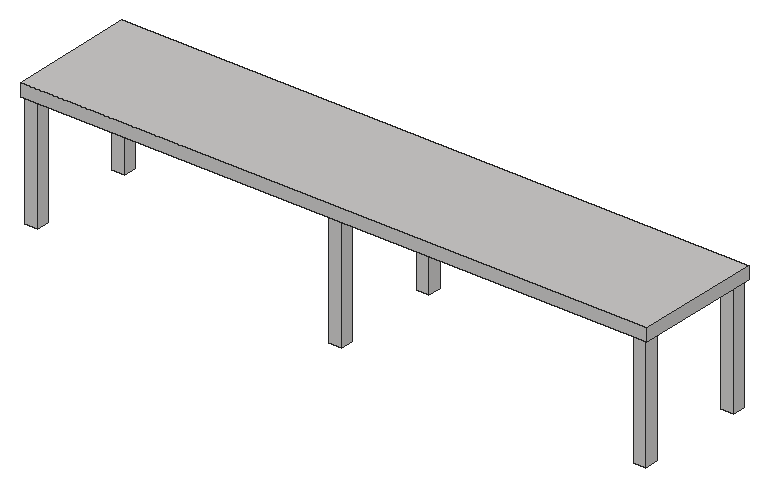
Revit family "QF_ELECTROLUXPROFESSIONAL_132993_OSH1L20", category Attrezzature speciali, Revit 2021
Family settings
  Quota connettore circolare = Usa diametro
  Tipo di parte = Normale
  Basato su piano di lavoro = No
  Sempre verticale = Sì
  Taglio con vuoti quando caricato = No
  Condiviso = No
  Punto di calcolo locali = No
Parameters (values of type "Standard")
  Weight = 28.00 kg
  Watts = 1100 W
  Volts = 220 V
  URL Manufacturer = "https://www.electroluxprofessional.com/"
  URL = "https://www.electroluxprofessional.com/"
  Steam Supply Size = 0 mm
  Steam Supply Minimum Pressure = 0.0 Pa
  Steam Supply Maximum Pressure = 0.0 Pa
  Steam Consumption per Hour = 0
  Refrigeration Suction Line Size = 0.0 mm
  Refrigeration Liquid Line Size = 0.0 mm
  Refrigerant Compressor Remote = yes
  Prospetto di default = 0.0 mm
  Phase = 1
  Modello = "OSH1L20"
  Produttore = "Electrolux Professional"
  Length Actual = 1975.0 mm  # constant formula
  Item Number = "132993"
  Hot Water Size = 0 mm
  Height Actual = 400.0 mm  # constant formula
  HP = "1.5 HP"
  Gas Size = 0 mm
  Gas KW = 0
  Gas Input Pressure = 0 W
  Direct Waste Size = 0 mm
  Descrizione = "OVERSHELF, LED&CERAMIC, ONE TIER, 2000MM"
  Depth Actual = 400.0 mm  # constant formula
  Cycle = 50 Hz
  Condensate Return Size = 0 mm
  Compressed Air Volume = 0.0 L/s
  Compressed Air Size = 0 mm
  Compressed Air Pressure = 0.0 Pa
  Cold Water Size = 0 mm
  Accessory = yes
Reference planes
  plane 1 "Center (Front/Back)": y = 0
  plane 2: z = 0
  plane 3 "Center (Left/Right)": x = -487.5
  plane 4 "LEFT": x = -1475
  plane 5 "RIGHT": x = 500
  plane 6 "BACK": y = 350
  plane 7 "FRONT": y = -50
  plane 8 "Base": z = 1260
  plane 9 "TOP": z = 1300
  plane 10: x = -1447.2
  plane 11: x = 472.2
  plane 12: y = 322.2
  plane 13: y = -22.2
  plane 14: z = 900
  plane 15 "HotElemLeft": x = -1327.5
  plane 16 "HotElemRight": x = -607.5
  plane 17 "Button": x = -637.5
  plane 18 "Pulsante": through (0, 98.177, 1177.215) normal (0, 0.9659, -0.2588)
  plane 19: x = -1297.5
  plane 20: x = -967.5
  plane 21: x = -7.5
  plane 22 "HotElemLeft2": x = -367.5
  plane 23 "HotElemRight2": x = 352.5
  plane 24: x = 322.5
  plane 25: x = -337.5
  plane 26 "LedLeft": x = -1422.5
  plane 27 "LedRight": x = -512.5
  plane 28 "LedRight2": x = 447.5
  plane 29 "LedLeft2": x = -462.5
Forms (mm)
  Extrusion 1, solid, material "QF_Finishes_Stainless Steel"
    sketch origin (-487.5, 0, 900) x (0, 1, 0) y (0, 0, 1)
      loop
        line (-50, 360) -> (350, 360) -> (350, 400) -> (-50, 400) -> (-50, 360)
    from 987.5 to -987.5
  Extrusion 2, solid, material "QF_Finishes_Stainless Steel"
    sketch origin (-1327.5, 0, 0) x (0, 0, -1) y (0, -1, 0)
      loop
        line (-1260, -125) -> (-1260, -175) -> (-1240, -175) -> (-1240, -185) -> (-1177.215, -201.823) -> (-1177.215, -189.823) -> (-1200.196, -170.54) -> (-1200.196, -129.46) -> (-1177.215, -110.177) -> (-1177.215, -98.177) -> (-1240, -115) -> (-1240, -125) -> (-1260, -125)
    from -2 to 0
  Extrusion 3, solid, material "QF_Finishes_Stainless Steel"
    sketch origin (-607.5, 0, 0) x (0, 0, -1) y (0, -1, 0)
      loop
        line (-1260, -125) -> (-1260, -175) -> (-1240, -175) -> (-1240, -185) -> (-1177.215, -201.823) -> (-1177.215, -189.823) -> (-1200.196, -170.54) -> (-1200.196, -129.46) -> (-1177.215, -110.177) -> (-1177.215, -98.177) -> (-1240, -115) -> (-1240, -125) -> (-1260, -125)
    from 0 to 2
  Extrusion 4, solid, material "QF_Finishes_Stainless Steel"
    sketch origin (-487.5, 0, 0) x (0, 1, 0) y (0, 0, 1)
      loop
        line (175, 1260) -> (125, 1260) -> (125, 1240) -> (115, 1240) -> (98.177, 1177.215) -> (110.177, 1177.215) -> (110.177, 1179.215) -> (100.783, 1179.215) -> (116.535, 1238) -> (127, 1238) -> (127, 1258) -> (173, 1258) -> (173, 1238) -> (183.465, 1238) -> (199.217, 1179.215) -> (189.823, 1179.215) -> (189.823, 1177.215) -> (201.823, 1177.215) -> (185, 1240) -> (175, 1240) -> (175, 1260)
      loop
        line (170.54, 1200.196) -> (170.54, 1202.196) -> (129.46, 1202.196) -> (129.46, 1200.196) -> (170.54, 1200.196)
    from -122 to -838
  Extrusion 5, solid, material "QF_Plastic-Black-Matte"
    sketch origin (80.054, -206.22, 41.192) x (0, -0.258819, -0.965926) y (-1, 0, 0)
      loop
        line (-1235.373, 733.554) -> (-1235.373, 701.554) -> (-1215.373, 701.554) -> (-1215.373, 733.554) -> (-1235.373, 733.554)
      loop
        line (-1233.373, 731.554) -> (-1233.373, 703.554) -> (-1217.373, 703.554) -> (-1217.373, 731.554) -> (-1233.373, 731.554)
    from 0 to -2
  Sweep 6, solid, material "QF_Finishes_Green"
    path origin (80.054, -206.22, 41.192) x (0, -0.258819, -0.965926) y (-1, 0, 0)
      loop
        line (-1233.373, 731.554) -> (-1217.373, 731.554)
    profile origin (-651.5, 110.93, 1224.811) x (-1, 0, 0) y (0, 0.965926, -0.258819)
      loop
        line (0, 0) -> (-28, 0) -> (-28, -2) -> (-14, -2) -> (-2.294, -8) -> (0, 0)
  Extrusion 7, solid, material "QF_Finishes_Light"
    sketch origin (-487.5, 0, 0) x (0, 1, 0) y (0, 0, 1)
      loop
        arc (175.262, 1176.834) -> (179.051, 1178.162) -> (178.135, 1182.071) r 3.003
        arc (178.135, 1182.071) -> (168.398, 1186.322) -> (158.051, 1188.738) r 58.388
        line (158.051, 1188.738) -> (158.051, 1200.196) -> (141.949, 1200.196) -> (141.949, 1189.541)
        arc (141.949, 1189.541) -> (131.603, 1187.125) -> (121.866, 1182.874) r 58.388
        arc (121.866, 1182.874) -> (120.548, 1178.491) -> (124.821, 1176.854) r 3.362
        arc (124.821, 1176.854) -> (150.044, 1183.315) -> (175.262, 1176.834) r 52.386
    from -810 to -150
  Extrusion 8, solid, material "QF_Finishes_Stainless Steel"
    sketch origin (-367.5, 0, 0) x (0, 0, -1) y (0, -1, 0)
      loop
        line (-1260, -125) -> (-1260, -175) -> (-1240, -175) -> (-1240, -185) -> (-1177.215, -201.823) -> (-1177.215, -189.823) -> (-1200.196, -170.54) -> (-1200.196, -129.46) -> (-1177.215, -110.177) -> (-1177.215, -98.177) -> (-1240, -115) -> (-1240, -125) -> (-1260, -125)
    from -2 to 0
  Extrusion 9, solid, material "QF_Finishes_Stainless Steel"
    sketch origin (352.5, 0, 0) x (0, 0, -1) y (0, -1, 0)
      loop
        line (-1260, -125) -> (-1260, -175) -> (-1240, -175) -> (-1240, -185) -> (-1177.215, -201.823) -> (-1177.215, -189.823) -> (-1200.196, -170.54) -> (-1200.196, -129.46) -> (-1177.215, -110.177) -> (-1177.215, -98.177) -> (-1240, -115) -> (-1240, -125) -> (-1260, -125)
    from 0 to 2
  Extrusion 10, solid, material "QF_Finishes_Stainless Steel"
    sketch origin (472.5, 0, 0) x (0, 1, 0) y (0, 0, 1)
      loop
        line (175, 1260) -> (125, 1260) -> (125, 1240) -> (115, 1240) -> (98.177, 1177.215) -> (110.177, 1177.215) -> (110.177, 1179.215) -> (100.783, 1179.215) -> (116.535, 1238) -> (127, 1238) -> (127, 1258) -> (173, 1258) -> (173, 1238) -> (183.465, 1238) -> (199.217, 1179.215) -> (189.823, 1179.215) -> (189.823, 1177.215) -> (201.823, 1177.215) -> (185, 1240) -> (175, 1240) -> (175, 1260)
      loop
        line (170.54, 1200.196) -> (170.54, 1202.196) -> (129.46, 1202.196) -> (129.46, 1200.196) -> (170.54, 1200.196)
    from -122 to -838
  Extrusion 11, solid, material "QF_Plastic-Black-Matte"
    sketch origin (940.054, -206.22, 41.192) x (0, -0.258819, -0.965926) y (-1, 0, 0)
      loop
        line (-1235.373, 633.554) -> (-1235.373, 601.554) -> (-1215.373, 601.554) -> (-1215.373, 633.554) -> (-1235.373, 633.554)
      loop
        line (-1233.373, 631.554) -> (-1233.373, 603.554) -> (-1217.373, 603.554) -> (-1217.373, 631.554) -> (-1233.373, 631.554)
    from 0 to -2
  Sweep 12, solid, material "QF_Finishes_Green"
    path origin (940.054, -206.22, 41.192) x (0, -0.258819, -0.965926) y (-1, 0, 0)
      loop
        line (-1233.373, 631.554) -> (-1217.373, 631.554)
    profile origin (308.5, 110.93, 1224.811) x (-1, 0, 0) y (0, 0.965926, -0.258819)
      loop
        line (0, 0) -> (-28, 0) -> (-28, -2) -> (-14, -2) -> (-2.294, -8) -> (0, 0)
  Extrusion 13, solid, material "QF_Finishes_Light"
    sketch origin (472.5, 0, 0) x (0, 1, 0) y (0, 0, 1)
      loop
        arc (175.262, 1176.834) -> (179.051, 1178.162) -> (178.135, 1182.071) r 3.003
        arc (178.135, 1182.071) -> (168.398, 1186.322) -> (158.051, 1188.738) r 58.388
        line (158.051, 1188.738) -> (158.051, 1200.196) -> (141.949, 1200.196) -> (141.949, 1189.541)
        arc (141.949, 1189.541) -> (131.603, 1187.125) -> (121.866, 1182.874) r 58.388
        arc (121.866, 1182.874) -> (120.548, 1178.491) -> (124.821, 1176.854) r 3.362
        arc (124.821, 1176.854) -> (150.044, 1183.315) -> (175.262, 1176.834) r 52.386
    from -810 to -150
  Extrusion 14, void
    sketch origin (12.5, -8.708, 0) x (0, 1, 0) y (0, 0, 1)
      loop
        line (305.908, 1270) -> (285.908, 1270) -> (285.908, 1260) -> (305.908, 1260) -> (305.908, 1270)
    from -1435 to -525
  Extrusion 15, solid, material "QF_Finishes_Light"
    sketch origin (12.5, -8.708, 0) x (0, 1, 0) y (0, 0, 1)
      loop
        line (305.908, 1270) -> (285.908, 1270) -> (285.908, 1260) -> (305.908, 1260) -> (305.908, 1270)
    from -1435 to -525
  Extrusion 16, void
    sketch origin (-987.5, -8.708, 0) x (0, 1, 0) y (0, 0, -1)
      loop
        line (305.908, -1270) -> (305.908, -1260) -> (285.908, -1260) -> (285.908, -1270) -> (305.908, -1270)
    from -1435 to -525
  Extrusion 17, solid, material "QF_Finishes_Light"
    sketch origin (12.5, -8.708, 0) x (0, 1, 0) y (0, 0, 1)
      loop
        line (305.908, 1270) -> (285.908, 1270) -> (285.908, 1260) -> (305.908, 1260) -> (305.908, 1270)
    from -475 to 435
Cuts and joins
  Extrusion 14, Extrusion 16 cuts Extrusion 1
Lines and regions (mm)
  symbolic lines
    curve 1: line (500, 350, 1300) -> (-1475, 350, 1300)
    curve 2: line (-1475, 350, 1300) -> (-1475, -50, 1300)
    curve 3: line (-1475, -50, 1300) -> (500, -50, 1300)
    curve 4: line (500, -50, 1300) -> (500, 350, 1300)
    curve 5: line (-1475, -50, 1300) -> (500, 350, 1300)
  symbolic lines, style "SpecialityEquipmentHiddenLines"
    curve 6: line (-1467.2, -2.2, 1300) -> (-1427.2, -2.2, 1300)
    curve 7: line (-1427.2, -2.2, 1300) -> (-1427.2, -42.2, 1300)
    curve 8: line (-1427.2, -42.2, 1300) -> (-1467.2, -42.2, 1300)
    curve 9: line (-1467.2, -42.2, 1300) -> (-1467.2, -2.2, 1300)
    curve 10: line (-1467.2, 342.2, 1300) -> (-1427.2, 342.2, 1300)
    curve 11: line (-1427.2, 342.2, 1300) -> (-1427.2, 302.2, 1300)
    curve 12: line (-1427.2, 302.2, 1300) -> (-1467.2, 302.2, 1300)
    curve 13: line (-1467.2, 302.2, 1300) -> (-1467.2, 342.2, 1300)
    curve 14: line (452.2, 342.2, 1300) -> (492.2, 342.2, 1300)
    curve 15: line (492.2, 342.2, 1300) -> (492.2, 302.2, 1300)
    curve 16: line (492.2, 302.2, 1300) -> (452.2, 302.2, 1300)
    curve 17: line (452.2, 302.2, 1300) -> (452.2, 342.2, 1300)
    curve 18: line (452.2, -2.2, 1300) -> (492.2, -2.2, 1300)
    curve 19: line (492.2, -2.2, 1300) -> (492.2, -42.2, 1300)
    curve 20: line (492.2, -42.2, 1300) -> (452.2, -42.2, 1300)
    curve 21: line (452.2, -42.2, 1300) -> (452.2, -2.2, 1300)
Dimensions and locks
  plane 4 "LEFT" to plane 5 "RIGHT" = 1975.0 mm
  equal spacing: plane 4 "LEFT", plane 3 "Center (Left/Right)", plane 5 "RIGHT"
  plane 4 "LEFT" to plane 10 = 27.8 mm
  plane 11 to plane 5 "RIGHT" = 27.8 mm
  plane 10 to plane 11 = 1919.4 mm
  plane 6 "BACK" to plane 12 = 27.8 mm
  plane 13 to plane 7 "FRONT" = 27.8 mm
  plane 6 "BACK" to plane 7 "FRONT" = 400.0 mm
  plane 12 to plane 13 = 344.4 mm
  plane 6 "BACK" to plane 1 "Center (Front/Back)" to plane 7 "FRONT" = 350.0 mm, 50.0 mm
  plane 14 to level = 900.0 mm
  locked: plane 8 "Base" to plane 14 at 360
  locked: plane 9 "TOP" to plane 14 at 400
  locked: plane 17 "Button" to plane 16 "HotElemRight" at 30
  locked: plane 15 "HotElemLeft" to plane 19 at 30
  locked: plane 20 to plane 15 "HotElemLeft" at 360
  locked: plane 16 "HotElemRight" to plane 20 at 360
  locked: plane 3 "Center (Left/Right)" to plane 20 at 480
  locked: plane 21 to plane 3 "Center (Left/Right)" at 480
  locked: plane 24 to plane 23 "HotElemRight2" at 30
  locked: plane 22 "HotElemLeft2" to plane 25 at 30
  locked: plane 22 "HotElemLeft2" to plane 21 at 360
  locked: plane 21 to plane 23 "HotElemRight2" at 360
  plane 20 to plane 26 "LedLeft" = 455.0 mm
  plane 27 "LedRight" to plane 20 = 455.0 mm
  locked: plane 29 "LedLeft2" to plane 21 at 455
  locked: plane 21 to plane 28 "LedRight2" at 455
  aligned and locked: level to plane 2
  aligned and locked: plane 10 to nested 1
  aligned and locked: nested 1 to plane 13
  aligned and locked: plane 11 to nested 2
  aligned and locked: nested 2 to plane 13
  aligned and locked: plane 11 to nested 4
  aligned and locked: nested 4 to plane 12
  aligned and locked: plane 10 to nested 3
  aligned and locked: nested 3 to plane 12
  aligned and locked: Extrusion 1 to plane 4 "LEFT"
  aligned and locked: plane 5 "RIGHT" to Extrusion 1
  aligned and locked: curve 2 to plane 4 "LEFT"
  aligned and locked: plane 15 "HotElemLeft" to Extrusion 2
  aligned and locked: Extrusion 3 to plane 16 "HotElemRight"
  aligned and locked: Extrusion 4 to Extrusion 2
  aligned and locked: Extrusion 4 to Extrusion 3
  aligned and locked: plane 17 "Button" to Sweep 6
  aligned and locked: Extrusion 7 to plane 19
  aligned and locked: plane 17 "Button" to Extrusion 7
  aligned and locked: plane 3 "Center (Left/Right)" to nested 5
  aligned and locked: plane 3 "Center (Left/Right)" to nested 6
  aligned and locked: plane 22 "HotElemLeft2" to Extrusion 8
  aligned and locked: Extrusion 9 to plane 23 "HotElemRight2"
  aligned and locked: Extrusion 10 to Extrusion 8
  aligned and locked: Extrusion 10 to Extrusion 9
  aligned and locked: plane 24 to Sweep 12
  aligned and locked: Extrusion 13 to plane 25
  aligned and locked: plane 24 to Extrusion 13
  aligned and locked: Extrusion 15 to plane 26 "LedLeft"
  aligned and locked: Extrusion 14 to plane 26 "LedLeft"
  aligned and locked: plane 27 "LedRight" to Extrusion 15
  aligned and locked: plane 27 "LedRight" to Extrusion 14
  aligned and locked: plane 28 "LedRight2" to Extrusion 16
  aligned and locked: Extrusion 16 to plane 29 "LedLeft2"
  aligned and locked: plane 29 "LedLeft2" to Extrusion 17
  aligned and locked: Extrusion 17 to plane 28 "LedRight2"
Automatic sketch dimensions
  curve 4 to plane 5 "RIGHT" = 0.0 mm
  curve 4 to plane 7 "FRONT" = 0.0 mm
  curve 4 to plane 6 "BACK" = 0.0 mm
  plane 7 "FRONT" to curve 20 = 7.8 mm
  plane 7 "FRONT" to curve 9 = 7.8 mm
  plane 1 "Center (Front/Back)" to curve 6 = 2.2 mm
  plane 1 "Center (Front/Back)" to curve 21 = 2.2 mm
  curve 11 to plane 26 "LedLeft" = 4.7 mm
  curve 11 to plane 12 = 20.0 mm
  curve 17 to plane 28 "LedRight2" = 4.7 mm
  curve 17 to plane 12 = 20.0 mm
  curve 15 to plane 6 "BACK" = 7.8 mm
  curve 13 to plane 6 "BACK" = 7.8 mm
  curve 19 to plane 5 "RIGHT" = 7.8 mm
  curve 15 to plane 5 "RIGHT" = 7.8 mm
  curve 18 to plane 28 "LedRight2" = 4.7 mm
  curve 6 to plane 26 "LedLeft" = 4.7 mm
  plane 4 "LEFT" to curve 9 = 7.8 mm
  plane 4 "LEFT" to curve 10 = 7.8 mm
  Extrusion 1 sketch curve to plane 7 "FRONT" = 0.0 mm
  Extrusion 1 sketch curve to plane 6 "BACK" = 0.0 mm
  Extrusion 1 sketch curve to plane 8 "Base" = 0.0 mm
  Extrusion 1 sketch curve to plane 9 "TOP" = 0.0 mm
  Extrusion 2 sketch curve to plane 8 "Base" = 0.0 mm
  plane 18 "Pulsante" to Extrusion 2 sketch curve = 0.0 mm  (x2)
  Extrusion 2 sketch curve to Extrusion 2 sketch curve = 20.0 mm
  Extrusion 2 sketch curve to plane 8 "Base" = 20.0 mm
  Extrusion 2 sketch curve to Extrusion 2 sketch curve = 39.804 mm
  Extrusion 2 sketch curve to Extrusion 2 sketch curve = 22.981 mm  (x2)
  Extrusion 2 sketch curve to Extrusion 2 sketch curve = 10.0 mm  (x2)
  Extrusion 2 sketch curve to Extrusion 2 sketch curve = 31.284 mm
  Extrusion 2 sketch curve to Extrusion 2 sketch curve = 41.079 mm
  Extrusion 2 sketch curve to Extrusion 2 sketch curve = 4.46 mm
  Extrusion 2 sketch curve to Extrusion 2 sketch curve = 19.284 mm
  Extrusion 2 sketch curve to Extrusion 2 sketch curve = 12.0 mm  (x2)
  Extrusion 3 sketch curve to plane 8 "Base" = 0.0 mm
  plane 18 "Pulsante" to Extrusion 3 sketch curve = 0.0 mm  (x2)
  Extrusion 3 sketch curve to Extrusion 3 sketch curve = 20.0 mm
  Extrusion 3 sketch curve to plane 8 "Base" = 20.0 mm
  Extrusion 3 sketch curve to Extrusion 3 sketch curve = 39.804 mm
  Extrusion 3 sketch curve to Extrusion 3 sketch curve = 22.981 mm  (x2)
  Extrusion 3 sketch curve to Extrusion 3 sketch curve = 10.0 mm  (x2)
  Extrusion 3 sketch curve to Extrusion 3 sketch curve = 31.284 mm
  Extrusion 3 sketch curve to Extrusion 3 sketch curve = 41.079 mm
  Extrusion 3 sketch curve to Extrusion 3 sketch curve = 4.46 mm
  Extrusion 3 sketch curve to Extrusion 3 sketch curve = 19.284 mm
  Extrusion 3 sketch curve to Extrusion 3 sketch curve = 12.0 mm  (x2)
  plane 18 "Pulsante" to Extrusion 4 sketch curve = 0.0 mm  (x2)
  Extrusion 4 sketch curve to plane 8 "Base" = 0.0 mm
  Extrusion 4 sketch curve to plane 8 "Base" = 82.785 mm
  Extrusion 4 sketch curve to Extrusion 4 sketch curve = 2.606 mm  (x2)
  Extrusion 4 sketch curve to Extrusion 4 sketch curve = 9.394 mm  (x2)
  Extrusion 4 sketch curve to plane 8 "Base" = 20.0 mm  (x2)
  Extrusion 4 sketch curve to Extrusion 4 sketch curve = 1.535 mm  (x2)
  Extrusion 4 sketch curve to Extrusion 4 sketch curve = 8.465 mm  (x2)
  Extrusion 4 sketch curve to Extrusion 4 sketch curve = 2.0 mm  (x7)
  Extrusion 4 sketch curve to Extrusion 4 sketch curve = 19.284 mm  (x2)
  Extrusion 4 sketch curve to Extrusion 4 sketch curve = 41.079 mm
  Extrusion 4 sketch curve to Extrusion 4 sketch curve = 2.46 mm
  Extrusion 4 sketch curve to Extrusion 4 sketch curve = 62.785 mm
  Extrusion 4 sketch curve to Extrusion 4 sketch curve = 20.981 mm
  Extrusion 4 sketch curve to plane 8 "Base" = 2.0 mm
  plane 16 "HotElemRight" to Extrusion 5 sketch curve = 14.0 mm
  Extrusion 5 sketch curve to Extrusion 5 sketch curve = 2.0 mm  (x4)
  Extrusion 5 sketch curve to Extrusion 5 sketch curve = 16.0 mm
  Extrusion 5 sketch curve to plane 17 "Button" = 14.0 mm
  Sweep 6 sketch curve to plane 17 "Button" = 14.0 mm
  Sweep 6 sketch curve to Sweep 6 sketch curve = 16.0 mm
  plane 18 "Pulsante" to Sweep 6 sketch curve = 0.0 mm
  Sweep 6 sketch curve to profile plane = 0.0 mm
  profile plane to Sweep 6 sketch curve = 2.294 mm
  Sweep 6 sketch curve to plane 18 "Pulsante" = 2.0 mm
  Sweep 6 sketch curve to Sweep 6 sketch curve = 11.706 mm
  Sweep 6 sketch curve to Sweep 6 sketch curve = 14.0 mm
  Sweep 6 sketch curve to plane 18 "Pulsante" = 8.0 mm
  Extrusion 7 sketch curve to plane 1 "Center (Front/Back)" = 123.566 mm
  Extrusion 7 sketch curve to Extrusion 7 sketch curve = 18.383 mm
  Extrusion 7 sketch curve to Extrusion 7 sketch curve = 26.434 mm
  Extrusion 7 sketch curve to Extrusion 7 sketch curve = 0.0 mm
  Extrusion 7 sketch curve to Extrusion 7 sketch curve = 0.023 mm
  Extrusion 7 sketch curve to Extrusion 7 sketch curve = 16.102 mm
  Extrusion 7 sketch curve to Extrusion 7 sketch curve = 18.367 mm
  Extrusion 7 sketch curve to plane 8 "Base" = 129.092 mm
  Extrusion 7 sketch curve to Extrusion 7 sketch curve = 0.021 mm
  Extrusion 7 sketch curve to Extrusion 7 sketch curve = 0.782 mm
  Extrusion 7 sketch curve to Extrusion 7 sketch curve = 47.896 mm
  Extrusion 7 sketch curve to Extrusion 7 sketch curve = 0.367 mm
  Extrusion 7 sketch curve to Extrusion 7 sketch curve = 9.132 mm
  Extrusion 7 sketch curve to Extrusion 7 sketch curve = 0.803 mm
  Extrusion 7 sketch curve to Extrusion 7 sketch curve = 11.458 mm
  Extrusion 7 sketch curve to Extrusion 7 sketch curve = 1.7 mm
  Extrusion 7 sketch curve to Extrusion 7 sketch curve = 1.255 mm
  Extrusion 7 sketch curve to Extrusion 7 sketch curve = 1.156 mm
  Extrusion 8 sketch curve to plane 8 "Base" = 0.0 mm
  plane 18 "Pulsante" to Extrusion 8 sketch curve = 0.0 mm  (x2)
  Extrusion 8 sketch curve to Extrusion 8 sketch curve = 20.0 mm
  Extrusion 8 sketch curve to plane 8 "Base" = 20.0 mm
  Extrusion 8 sketch curve to Extrusion 8 sketch curve = 39.804 mm
  Extrusion 8 sketch curve to Extrusion 8 sketch curve = 22.981 mm  (x2)
  Extrusion 8 sketch curve to Extrusion 8 sketch curve = 10.0 mm  (x2)
  Extrusion 8 sketch curve to Extrusion 8 sketch curve = 31.284 mm
  Extrusion 8 sketch curve to Extrusion 8 sketch curve = 41.079 mm
  Extrusion 8 sketch curve to Extrusion 8 sketch curve = 4.46 mm
  Extrusion 8 sketch curve to Extrusion 8 sketch curve = 19.284 mm
  Extrusion 8 sketch curve to Extrusion 8 sketch curve = 12.0 mm  (x2)
  Extrusion 9 sketch curve to plane 8 "Base" = 0.0 mm
  plane 18 "Pulsante" to Extrusion 9 sketch curve = 0.0 mm  (x2)
  Extrusion 9 sketch curve to Extrusion 9 sketch curve = 20.0 mm
  Extrusion 9 sketch curve to plane 8 "Base" = 20.0 mm
  Extrusion 9 sketch curve to Extrusion 9 sketch curve = 39.804 mm
  Extrusion 9 sketch curve to Extrusion 9 sketch curve = 22.981 mm  (x2)
  Extrusion 9 sketch curve to Extrusion 9 sketch curve = 10.0 mm  (x2)
  Extrusion 9 sketch curve to Extrusion 9 sketch curve = 31.284 mm
  Extrusion 9 sketch curve to Extrusion 9 sketch curve = 41.079 mm
  Extrusion 9 sketch curve to Extrusion 9 sketch curve = 4.46 mm
  Extrusion 9 sketch curve to Extrusion 9 sketch curve = 19.284 mm
  Extrusion 9 sketch curve to Extrusion 9 sketch curve = 12.0 mm  (x2)
  plane 18 "Pulsante" to Extrusion 10 sketch curve = 0.0 mm  (x2)
  Extrusion 10 sketch curve to plane 8 "Base" = 0.0 mm
  Extrusion 10 sketch curve to plane 8 "Base" = 82.785 mm
  Extrusion 10 sketch curve to Extrusion 10 sketch curve = 2.606 mm  (x2)
  Extrusion 10 sketch curve to Extrusion 10 sketch curve = 9.394 mm  (x2)
  Extrusion 10 sketch curve to plane 8 "Base" = 20.0 mm  (x2)
  Extrusion 10 sketch curve to Extrusion 10 sketch curve = 1.535 mm  (x2)
  Extrusion 10 sketch curve to Extrusion 10 sketch curve = 8.465 mm  (x2)
  Extrusion 10 sketch curve to Extrusion 10 sketch curve = 2.0 mm  (x7)
  Extrusion 10 sketch curve to Extrusion 10 sketch curve = 19.284 mm  (x2)
  Extrusion 10 sketch curve to Extrusion 10 sketch curve = 41.079 mm
  Extrusion 10 sketch curve to Extrusion 10 sketch curve = 2.46 mm
  Extrusion 10 sketch curve to Extrusion 10 sketch curve = 62.785 mm
  Extrusion 10 sketch curve to Extrusion 10 sketch curve = 20.981 mm
  Extrusion 10 sketch curve to plane 8 "Base" = 2.0 mm
  plane 23 "HotElemRight2" to Extrusion 11 sketch curve = 14.0 mm
  Extrusion 11 sketch curve to Extrusion 11 sketch curve = 2.0 mm  (x4)
  Extrusion 11 sketch curve to Extrusion 11 sketch curve = 16.0 mm
  Extrusion 11 sketch curve to plane 24 = 14.0 mm
  Sweep 12 sketch curve to plane 24 = 14.0 mm
  Sweep 12 sketch curve to Sweep 12 sketch curve = 16.0 mm
  profile plane to Sweep 12 sketch curve = 0.0 mm
  Sweep 12 sketch curve to profile plane = 0.0 mm
  profile plane to Sweep 12 sketch curve = 2.294 mm
  Sweep 12 sketch curve to profile plane = 2.0 mm
  Sweep 12 sketch curve to Sweep 12 sketch curve = 11.706 mm
  Sweep 12 sketch curve to Sweep 12 sketch curve = 14.0 mm
  Sweep 12 sketch curve to profile plane = 8.0 mm
  Extrusion 13 sketch curve to plane 1 "Center (Front/Back)" = 123.566 mm
  Extrusion 13 sketch curve to Extrusion 13 sketch curve = 18.383 mm
  Extrusion 13 sketch curve to Extrusion 13 sketch curve = 26.434 mm
  Extrusion 13 sketch curve to Extrusion 13 sketch curve = 0.0 mm
  Extrusion 13 sketch curve to Extrusion 13 sketch curve = 0.023 mm
  Extrusion 13 sketch curve to Extrusion 13 sketch curve = 16.102 mm
  Extrusion 13 sketch curve to Extrusion 13 sketch curve = 18.367 mm
  Extrusion 13 sketch curve to plane 8 "Base" = 129.092 mm
  Extrusion 13 sketch curve to Extrusion 13 sketch curve = 0.021 mm
  Extrusion 13 sketch curve to Extrusion 13 sketch curve = 0.782 mm
  Extrusion 13 sketch curve to Extrusion 13 sketch curve = 47.896 mm
  Extrusion 13 sketch curve to Extrusion 13 sketch curve = 0.367 mm
  Extrusion 13 sketch curve to Extrusion 13 sketch curve = 9.132 mm
  Extrusion 13 sketch curve to Extrusion 13 sketch curve = 0.803 mm
  Extrusion 13 sketch curve to Extrusion 13 sketch curve = 11.458 mm
  Extrusion 13 sketch curve to Extrusion 13 sketch curve = 1.7 mm
  Extrusion 13 sketch curve to Extrusion 13 sketch curve = 1.255 mm
  Extrusion 13 sketch curve to Extrusion 13 sketch curve = 1.156 mm
  Extrusion 14 sketch curve to plane 8 "Base" = 0.0 mm
  plane 8 "Base" to Extrusion 14 sketch curve = 10.0 mm
  Extrusion 14 sketch curve to plane 12 = 45.0 mm
  Extrusion 14 sketch curve to Extrusion 14 sketch curve = 20.0 mm
  Extrusion 15 sketch curve to plane 8 "Base" = 0.0 mm
  plane 8 "Base" to Extrusion 15 sketch curve = 10.0 mm
  Extrusion 15 sketch curve to plane 12 = 45.0 mm
  Extrusion 15 sketch curve to Extrusion 15 sketch curve = 20.0 mm
  Extrusion 16 sketch curve to plane 8 "Base" = 0.0 mm
  plane 8 "Base" to Extrusion 16 sketch curve = 10.0 mm
  Extrusion 16 sketch curve to plane 12 = 45.0 mm
  Extrusion 16 sketch curve to Extrusion 16 sketch curve = 20.0 mm
  Extrusion 17 sketch curve to plane 8 "Base" = 0.0 mm
  plane 8 "Base" to Extrusion 17 sketch curve = 10.0 mm
  Extrusion 17 sketch curve to plane 12 = 45.0 mm
  Extrusion 17 sketch curve to Extrusion 17 sketch curve = 20.0 mm
Nested families
  nested 1: "FEET_40x40_H360" at (-1447.2, -22.2, 900), type "FEET_40x40_H360"
  nested 2: "FEET_40x40_H360" at (472.2, -22.2, 900), type "FEET_40x40_H360"
  nested 3: "FEET_40x40_H360" at (-1447.2, 322.2, 900), type "FEET_40x40_H360"
  nested 4: "FEET_40x40_H360" at (472.2, 322.2, 900), type "FEET_40x40_H360"
  nested 5: "FEET_40x40_H360" at (-487.5, -22.2, 900), type "FEET_40x40_H360"
  nested 6: "FEET_40x40_H360" at (-487.5, 322.2, 900), type "FEET_40x40_H360"
Connectors
  electrical at (-637.5, 108.998, 1225.328), driven by "Volts"
    settings: on Extrusion 5, index 1, voltage 220 V, apparent load 0 VA, apparent load phase1 0 VA, apparent load phase2 0 VA, apparent load phase3 0 VA, power factor 1, load classification "Other", number of poles 1, system type 30, power factor state 1, is connector primary yes, connector utility no, sub classification motor no, connector description "Electrical Connection"
  electrical at (322.5, 108.998, 1225.328), driven by "Volts"
    settings: on Extrusion 11, index 2, voltage 220 V, apparent load 0 VA, apparent load phase1 0 VA, apparent load phase2 0 VA, apparent load phase3 0 VA, power factor 1, load classification "Other", number of poles 1, system type 30, power factor state 1, is connector primary no, connector utility no, sub classification motor no, connector description "Electrical Connection"
Definition of nested family "FEET_40x40_H360"
  Parameters
    Default Elevation = 0.0 mm
    FEET = 360.0 mm
  Reference planes
    plane 1 "Center (Front/Back)": y = 0
    plane 2: z = 0
    plane 3 "Center (Left/Right)": x = 0
    plane 4: z = 360
  Forms (mm)
    Extrusion 1, solid
      sketch origin (0, 0, 0) x (1, 0, 0) y (0, 1, 0)
        loop
          line (-20, -20) -> (20, -20) -> (20, 20) -> (-20, 20) -> (-20, -20)
      from 0 to 360
  Lines and regions (mm)
    symbolic lines
      curve 1: line (0, -1.503, 0) -> (0, 1.508, 0)
      curve 2: line (1.561, 0, 0) -> (-1.439, 0, 0)
  Dimensions and locks
    "FEET": plane 4 to plane 2
    aligned and locked: level to plane 2
  Automatic sketch dimensions
    plane 1 "Center (Front/Back)" to curve 2 = 0.0 mm
    curve 1 to plane 3 "Center (Left/Right)" = 0.0 mm
    curve 2 to plane 3 "Center (Left/Right)" = 1.439 mm
    plane 3 "Center (Left/Right)" to curve 2 = 1.561 mm
    plane 1 "Center (Front/Back)" to curve 1 = 1.503 mm
    curve 1 to plane 1 "Center (Front/Back)" = 1.508 mm
    Extrusion 1 sketch curve to plane 3 "Center (Left/Right)" = 20.0 mm
    plane 3 "Center (Left/Right)" to Extrusion 1 sketch curve = 20.0 mm
    plane 1 "Center (Front/Back)" to Extrusion 1 sketch curve = 20.0 mm
    Extrusion 1 sketch curve to plane 1 "Center (Front/Back)" = 20.0 mm
